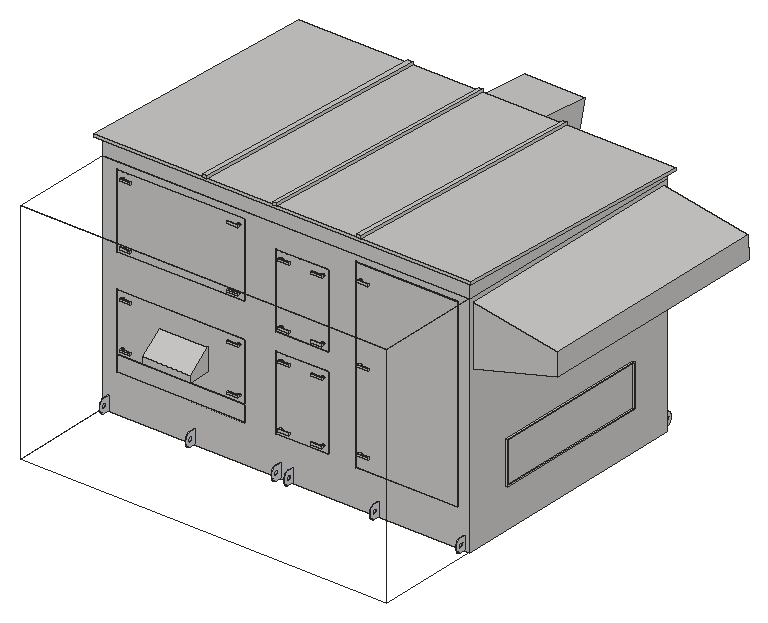
Revit family "DN-5XRT-2FP-EH", category Mechanical Equipment, Revit 2016
Family settings
  Part Type = Normal
  Round Connector Dimension = Use Diameter
  Work Plane-Based = No
  Always vertical = Yes
  Cut with Voids When Loaded = No
  Shared = No
  Room Calculation Point = No
Parameters (values of type "4@2.70 kW 200-240V")
  Voltage = "200-240V"
  Unit Weight (lbs) = "4250-4875 lbs"
  Unit Dimension (L x W x H) = "175-5/8\" x 128-1/4\" x 94-1/8\""
  Unit = Renewaire - Galvanized Steel
  URL = "www.renewaire.com"
  Typical Airflow Range = "1,125-4,950 CFM"
  Standard Features = "EC Motors for both airstreams, Direct drive backward inclined plenum, Higher ESP of up to 3\" w.g. at 4,500 CFM, Integrated programmable controls, True 100% face and bypass enthalpy based modulating economizer, Class 1 low leakage motorized isolation dampers, Stainless steel double-sloped drain pan with cooling option, 1\" Double wall foam injected 20 gauge galvanized panel construction with R6.5 insulation"
  Shipping Dimensions (L x W x H) = "160\" x 101-1/2\" x 100\""
  Service Area Visibility = yes
  Service Area Box = Renewaire - Interference
  Revit Object Download Link = ""
  Phase [instance] = "3"
  Options = "Heat pump, Modulating hot gas reheat, Steam or hot water coil, gas heat module or electric heater Onboard variable frequency drives (VFDs) - both airstreams, Fused disconnect, Spring isolators (VFDs only), 2\" Double wall foam injected 20 gauge galvanized panel construction with R13 insulation, Exterior paint - grey, white, custom color, Salt spray - 2500 hours, BACNET factory activation, GFCI convenience outlet, Recirculation damper, Drain overflow switch, Mist Eliminator, Electrofin coating for coils"
  Number Motors = "Qty. 4, Direct drive motorized impeller packages"
  Model = "DN-5XRT-2FP-EH"
  Minimum Circuit Amps = "36.6 A"
  Maximum Overcurrent Protection = "45 A"
  Max. Shipping Weight (lbs) = "4500-5125 lbs."
  Manufacturer = "Renewaire LLC"
  Inlets/Outlets [instance] = "OA & RA Inlets: 60\" x 16\", SA Outlet: 24\" x 16\", EA Outlet: 20\" x 32\""
  Frequency = "50/60 Hz"
  Filters [instance] = "Total qty. 10, MERV 8: 16\" x 20\" x 2\""
  FLA per Motor = "8.6-7.2"
  Energy Recovery Type = "Static plate total energy transfer"
  Description = "Energy Recovery Ventilator"
  Bypass Filters [instance] = "Total qty. 4, MERV 8: 16\" x 20\" x 2\""
  Accessories = "Filters - MERV 13, 2\"  and 4\" (shipped loose), MERV 14, 2\" and 4\" (shipped loose), Additional filters available upon request, Roof curb - standard 14\", Hurricane or seismic rated curbs, Curb clip kit, Carbon dioxide sensor/control - wall mount (CO2-W), duct mount (CO2-D), IAQ sensor - wall mount (IAQ-W), duct mount (IAQ-D), Motion occupancy sensor/control - ceiling mount (MC-C), wall mount (MC-W), Smoke detector, Room temperature and humidity sensor, Duct static pressure sensor with display to 10\", without display 0-2\", Room pressure sensor with display to 1\", without display 0-1\", Waterless trap negative pressure, waterless trap positive pressure, Remote display"
  AHRI 1060 Certified Core = "One L-62-G5 and four L-125-G5"
Types (6): name | Voltage | Minimum Circuit Amps | Maximum Overcurrent Protection | FLA per Motor
  (no name) | "200-240V" | "36.6 A" | "45 A" | "8.6-7.2"
  4@2.70 kW 200-240V | "200-240V" | "36.6 A" | "45 A" | "8.6-7.2"
  4@3.70 kW 380-480V | "380-480V" | "25.5 A" | "30 A" | "6.0-4.6"
  4@5HP 208-230V | "208-230V" | "59.1 A" | "70 A" | "13.9-13.4/6.7"
  4@5HP 460V | "460V" | "28.5 A" | "35 A" | "6.7"
  4@5HP 575V | "575V" | "22.5 A" | "25 A" | "5.3"
Reference planes (in)
  plane 1 "Center (Front/Back)": y = 0
  plane 2: z = 0
  plane 3 "Center (Left/Right)": x = 0
  plane 4: x = -138.25
Forms (in)
  Extrusion 1, solid, material "Renewaire - Galvanized Steel" <- "Unit"
    sketch origin (0, 0, 0) x (1, 0, 0) y (0, 1, 0)
      loop
        line (-138.25, 46.5) -> (-138.25, -46.38324) -> (0, -46.38324) -> (0, 46.5) -> (-138.25, 46.5)
    from 0 to 85.625
  Extrusion 2, void
    sketch origin (0, 0, 0) x (1, 0, 0) y (0, 0, 1)
      loop
        line (-133.03212, 83.03025) -> (-133.03212, 54.85525) -> (-84.78333, 54.85525) -> (-84.78333, 83.03025) -> (-133.03212, 83.03025)
      loop
        line (-73.14754, 77.07399) -> (-73.14754, 48.824) -> (-53.14754, 48.824) -> (-53.14754, 77.07399) -> (-73.14754, 77.07399)
      loop
        line (-43.1125, 83.57398) -> (-43.1125, 13.57398) -> (-4.11251, 13.57398) -> (-4.11251, 83.57398) -> (-43.1125, 83.57398)
      loop
        line (-73.14754, 42.57399) -> (-73.14754, 14.32399) -> (-53.14754, 14.32399) -> (-53.14754, 42.57399) -> (-73.14754, 42.57399)
      loop
        line (-133.03212, 42.35344) -> (-133.03212, 14.20094) -> (-84.78333, 14.20094) -> (-84.78333, 42.35344) -> (-133.03212, 42.35344)
    from 45.5 to 47.07986
  Extrusion 3, void
    sketch origin (0, 0, 0) x (1, 0, 0) y (0, 1, 0)
      loop
        line (-136.25, 44.61676) -> (-136.25, -44.38324) -> (-2, -44.38324) -> (-2, 44.61676) -> (-136.25, 44.61676)
    from -3 to 5.699
  Extrusion 4, void
    sketch origin (0, 0, 0) x (1, 0, 0) y (0, 1, 0)
      loop
        line (-130.17015, 12.11675) -> (-130.17015, -11.88325) -> (-114.17015, -11.88325) -> (-114.17015, 12.11675) -> (-130.17015, 12.11675)
      loop
        line (-22.1125, 30.11677) -> (-22.1125, -29.88323) -> (-6.1125, -29.88323) -> (-6.1125, 30.11677) -> (-22.1125, 30.11677)
    from 4.75 to 6.699
  Extrusion 5, solid, material "Renewaire - Galvanized Steel" <- "Unit"
    sketch origin (0, 0, 1) x (0, 1, 0) y (0, 0, 1)
      loop
        line (12.11677, 33.30845) -> (-11.88323, 33.30845) -> (-11.88323, 17.30844) -> (12.11677, 17.30844) -> (12.11677, 33.30845)
      loop
        line (11.99177, 33.18345) -> (-11.75823, 33.18345) -> (-11.75823, 17.43344) -> (11.99177, 17.43344) -> (11.99177, 33.18345)
    from -139.25 to -138.25
  Extrusion 6, solid, material "Renewaire - Galvanized Steel" <- "Unit"
    sketch origin (0, 0, 1) x (0, 1, 0) y (0, 0, 1)
      loop
        line (-29.87714, 30.29275) -> (-29.87714, 14.29275) -> (30.12286, 14.29275) -> (30.12286, 30.29275) -> (-29.87714, 30.29275)
      loop
        line (-29.75214, 30.16775) -> (-29.75214, 14.41775) -> (29.99786, 14.41775) -> (29.99786, 30.16775) -> (-29.75214, 30.16775)
    from 0 to 1
  Extrusion 7, solid, material "Renewaire - Galvanized Steel" <- "Unit"
    sketch origin (0, 0, 0) x (1, 0, 0) y (0, 0, 1)
      loop
        line (-132.72813, 82.78025) -> (-132.72813, 55.10525) -> (-85.03333, 55.10525) -> (-85.03333, 82.78025) -> (-132.72813, 82.78025)
      loop
        line (-132.78212, 42.10344) -> (-132.78212, 20.50344) -> (-85.03333, 20.50344) -> (-85.03333, 42.10344) -> (-132.78212, 42.10344)
      loop
        line (-132.78212, 20.05094) -> (-132.78212, 14.45094) -> (-85.03333, 14.45094) -> (-85.03333, 20.05094) -> (-132.78212, 20.05094)
      loop
        line (-72.89753, 76.82401) -> (-72.89753, 49.22401) -> (-53.29756, 49.22401) -> (-53.29756, 76.82401) -> (-72.89753, 76.82401)
      loop
        line (-72.89754, 42.32401) -> (-72.89754, 14.634) -> (-53.29754, 14.634) -> (-53.29754, 42.32401) -> (-72.89754, 42.32401)
      loop
        line (-42.8625, 13.82398) -> (-4.36251, 13.82398) -> (-4.36251, 83.32398) -> (-42.8625, 83.32398) -> (-42.8625, 13.82398)
    from 45.5 to 46.38324
  Extrusion 8, solid, material "Renewaire - Interference" <- "Service Area Box", visible <- "Service Area Visibility"
    sketch origin (0, 0, 0) x (1, 0, 0) y (0, 1, 0)
      loop
        line (-138.25, -46.38324) -> (-138.25, -85.5) -> (0, -85.5) -> (0, -46.38324) -> (-138.25, -46.38324)
    from 0 to 85.625
  Extrusion 9, solid, material "Renewaire - Galvanized Steel" <- "Unit"
    sketch origin (31.75, 0, 0) x (1, 0, 0) y (0, 0, 1)
      loop
        line (-174.35703, 29.51719) -> (-172.22177, 21.5483) -> (-170, 21.5483) -> (-170, 30.68465) -> (-174.35703, 29.51719)
    from 13.95062 to 22.38261
  Extrusion 10, solid, material "Renewaire - Galvanized Steel" <- "Unit"
    sketch origin (0, 0, 0) x (1, 0, 0) y (0, 0, 1)
      loop
        line (0, 84.15518) -> (0, 61.47937) -> (32.11703, 70.0851) -> (32.11703, 78.49208) -> (0, 84.15518)
    from -44.7985 to 44.79848
  Extrusion 11, solid, material "Renewaire - Galvanized Steel" <- "Unit"
    sketch origin (0, 0, 0) x (0, 1, 0) y (0, 0, 1)
      loop
        line (-46.38324, 34.65488) -> (-54.18346, 28.48487) -> (-54.18346, 26.14738) -> (-46.38324, 26.14738) -> (-46.38324, 34.65488)
    from -99 to -117
  Extrusion 12, solid, material "Renewaire - Galvanized Steel" <- "Unit"
    sketch origin (0, 0, 0) x (0, 1, 0) y (0, 0, 1)
      loop
        line (46.49998, 84.66539) -> (46.49998, 48.56516) -> (66.93162, 56.04337) -> (74.10032, 82.203) -> (46.49998, 84.66539)
    from -75.49335 to -52.94936
  Extrusion 13, solid, material "Renewaire - Galvanized Steel" <- "Unit"
    sketch origin (0, 0, 0) x (0, 1, 0) y (0, 0, 1)
      loop
        line (48.48898, 88.92286) -> (-48.48124, 93.09645) -> (-48.52424, 92.09738) -> (48.44598, 87.92379) -> (48.48898, 88.92286)
    from -140.25 to 2
  Extrusion 14, solid, material "Renewaire - Galvanized Steel" <- "Unit"
    sketch origin (0, 0, 0) x (0, 1, 0) y (0, 0, 1)
      loop
        line (-46.38324, 92.00523) -> (-46.38324, 85.625) -> (46.5, 85.625) -> (46.5, 88.00755) -> (-46.38324, 92.00523)
    from -138.25 to 0
  Extrusion 15, solid, material "Renewaire - Galvanized Steel" <- "Unit"
    sketch origin (0, 0, 0) x (0, 1, 0) y (0, 0, 1)
      loop
        line (48.53198, 89.92194) -> (-48.43824, 94.09553) -> (-48.48124, 93.09645) -> (48.48898, 88.92286) -> (48.53198, 89.92194)
    from -99.18333 to -97.51386
  Extrusion 16, solid, material "Renewaire - Galvanized Steel" <- "Unit"
    sketch origin (0, 0, 0) x (0, 1, 0) y (0, 0, 1)
      loop
        line (48.53198, 89.92194) -> (-48.43824, 94.09553) -> (-48.48124, 93.09645) -> (48.48898, 88.92286) -> (48.53198, 89.92194)
    from -72.5309 to -71.07253
  Extrusion 17, solid, material "Renewaire - Galvanized Steel" <- "Unit"
    sketch origin (0, 0, 0) x (0, 1, 0) y (0, 0, 1)
      loop
        line (48.53198, 89.92194) -> (-48.43824, 94.09553) -> (-48.48124, 93.09645) -> (48.48898, 88.92286) -> (48.53198, 89.92194)
    from -40.80093 to -39.30587
Cuts and joins
  Extrusion 2, Extrusion 3, Extrusion 4 cuts Extrusion 1
Dimensions and locks (in)
  aligned and locked: plane 2 to level
Nested families (in)
  nested 1: "Handle" at (-41.11251, -46.38324, 19), type "Handle"
    with Right Handle yes, Left Handle no, Flip no
  nested 2: "Handle" at (-41.11251, -46.38324, 77.67027), type "Handle"
    with Right Handle yes, Left Handle no, Flip no
  nested 3: "Handle" at (-41.11251, -46.38324, 49), type "Handle"
    with Right Handle yes, Left Handle no, Flip no
  nested 4: "Handle" at (-71.07253, -46.38324, 74.37401), type "Handle"
    with Right Handle yes, Left Handle no, Flip no
  nested 5: "Handle" at (-71.07253, -46.38324, 51.274), type "Handle"
    with Right Handle yes, Left Handle no, Flip no
  nested 6: "Handle" at (-55.22256, -46.38324, 74.37401), type "Handle"
    with Right Handle no, Left Handle yes, Flip yes
  nested 7: "Handle" at (-55.22256, -46.38324, 51.274), type "Handle"
    with Right Handle no, Left Handle yes, Flip yes
  nested 8: "Handle" at (-71.07253, -46.38324, 39.87401), type "Handle"
    with Right Handle yes, Left Handle no, Flip no
  nested 9: "Handle" at (-71.07253, -46.38324, 16.77401), type "Handle"
    with Right Handle yes, Left Handle no, Flip no
  nested 10: "Handle" at (-55.22256, -46.38324, 39.87401), type "Handle"
    with Right Handle no, Left Handle yes, Flip yes
  nested 11: "Handle" at (-55.22256, -46.38324, 16.77401), type "Handle"
    with Right Handle no, Left Handle yes, Flip yes
  nested 12: "Handle" at (-130.72967, -46.38324, 80.40525), type "Handle"
    with Right Handle yes, Left Handle no, Flip no
  nested 13: "Handle" at (-130.72967, -46.38324, 57.30524), type "Handle"
    with Right Handle yes, Left Handle no, Flip no
  nested 14: "Handle" at (-86.90833, -46.38324, 80.40525), type "Handle"
    with Right Handle no, Left Handle yes, Flip yes
  nested 15: "Handle" at (-86.90833, -46.38324, 57.30524), type "Handle"
    with Right Handle no, Left Handle yes, Flip yes
  nested 16: "Handle" at (-130.72967, -46.38324, 39.87401), type "Handle"
    with Right Handle yes, Left Handle no, Flip no
  nested 17: "Handle" at (-130.72967, -46.38324, 22.75344), type "Handle"
    with Right Handle yes, Left Handle no, Flip no
  nested 18: "Handle" at (-86.90833, -46.38324, 39.87401), type "Handle"
    with Right Handle no, Left Handle yes, Flip yes
  nested 19: "Handle" at (-86.90833, -46.38324, 22.75344), type "Handle"
    with Right Handle no, Left Handle yes, Flip yes
  nested 20: "Lifting Lug" at (-136.25, 46.5, 0) x (0, 1, 0) z (0, 0, 1), Material <- "Unit", type "Lifting Lug"
    with Material Renewaire - Galvanized Steel
  nested 21: "Lifting Lug" at (-103.75, 46.5, 0) x (0, 1, 0) z (0, 0, 1), Material <- "Unit", type "Lifting Lug"
    with Material Renewaire - Galvanized Steel
  nested 22: "Lifting Lug" at (-71.375, 46.5, 0) x (0, 1, 0) z (0, 0, 1), Material <- "Unit", type "Lifting Lug"
    with Material Renewaire - Galvanized Steel
  nested 23: "Lifting Lug" at (-1.75, 46.5, 0) x (0, 1, 0) z (0, 0, 1), Material <- "Unit", type "Lifting Lug"
    with Material Renewaire - Galvanized Steel
  nested 24: "Lifting Lug" at (-34.25, 46.5, 0) x (0, 1, 0) z (0, 0, 1), Material <- "Unit", type "Lifting Lug"
    with Material Renewaire - Galvanized Steel
  nested 25: "Lifting Lug" at (-66.625, 46.5, 0) x (0, 1, 0) z (0, 0, 1), Material <- "Unit", type "Lifting Lug"
    with Material Renewaire - Galvanized Steel
  nested 26: "Lifting Lug" at (-136.25, -46.38324, 0) x (0, -1, 0) z (0, 0, 1), Material <- "Unit", type "Lifting Lug"
    with Material Renewaire - Galvanized Steel
  nested 27: "Lifting Lug" at (-103.75, -46.38324, 0) x (0, -1, 0) z (0, 0, 1), Material <- "Unit", type "Lifting Lug"
    with Material Renewaire - Galvanized Steel
  nested 28: "Lifting Lug" at (-71.375, -46.38324, 0) x (0, -1, 0) z (0, 0, 1), Material <- "Unit", type "Lifting Lug"
    with Material Renewaire - Galvanized Steel
  nested 29: "Lifting Lug" at (-1.75, -46.38324, 0) x (0, -1, 0) z (0, 0, 1), Material <- "Unit", type "Lifting Lug"
    with Material Renewaire - Galvanized Steel
  nested 30: "Lifting Lug" at (-34.25, -46.38324, 0) x (0, -1, 0) z (0, 0, 1), Material <- "Unit", type "Lifting Lug"
    with Material Renewaire - Galvanized Steel
  nested 31: "Lifting Lug" at (-66.625, -46.38324, 0) x (0, -1, 0) z (0, 0, 1), Material <- "Unit", type "Lifting Lug"
    with Material Renewaire - Galvanized Steel
Connectors (in)
  hvac at (1, 0.12286, 23.29275)
    settings: on Extrusion 6, index 1, duct flow 0 CFM, flow factor 0, pres drop 0.00 in-wg, loss coef 0, conn angle 0.00°, conn width 60", conn height 16", conn diameter 24", duct sys type 2, conn prof type 1, flow config 0, flow direction 1, loss method 0, conn ref index -1, conn util no, is conn primary yes, conn desc "Return Air (RA)"
  hvac at (-139.25, 0.11677, 26.30845)
    settings: on Extrusion 5, index 6, duct flow 0 CFM, flow factor 0, pres drop 0.00 in-wg, loss coef 0, conn angle 0.00°, conn width 24", conn height 16", conn diameter 24", duct sys type 1, conn prof type 1, flow config 0, flow direction 2, loss method 0, conn ref index -1, conn util no, is conn primary no, conn desc "Supply Air (SA)"
  hvac at (-14.1125, 0.11677, 6.699)
    settings: on cut or joined group of Extrusion 1, Extrusion 2, Extrusion 3, Extrusion 4, index 9, duct flow 0 CFM, flow factor 0, pres drop 0.00 in-wg, loss coef 0, conn angle 0.00°, conn width 60", conn height 16", conn diameter 24", duct sys type 2, conn prof type 1, flow config 0, flow direction 1, loss method 0, conn ref index -1, conn util no, is conn primary no, conn desc "Return Air (RA)"
  hvac at (-122.17015, 0.11675, 6.699)
    settings: on cut or joined group of Extrusion 1, Extrusion 2, Extrusion 3, Extrusion 4, index 10, duct flow 0 CFM, flow factor 0, pres drop 0.00 in-wg, loss coef 0, conn angle 0.00°, conn width 24", conn height 16", conn diameter 24", duct sys type 1, conn prof type 1, flow config 0, flow direction 2, loss method 0, conn ref index -1, conn util no, is conn primary no, conn desc "Supply Air (SA)"
Definition of nested family "Handle"
  Parameters (values of type "Handle")
    Right Handle [instance] = not(Flip)  # no
    Material = none
    Left Handle [instance] = Flip  # yes
    Flip [instance] = yes
  Reference planes (in)
    plane 1 "Center (Front/Back)": y = 0
    plane 2: z = 0
    plane 3 "Center (Left/Right)": x = 0
  Forms (in)
    Extrusion 1, solid, material <- "Material"
      sketch origin (0, 0, 0) x (1, 0, 0) y (0, 0, 1)
        loop
          circle (0, 0) r 0.375
      from 0 to 0.75
    Extrusion 2, solid, material <- "Material", visible <- "Right Handle"
      sketch origin (0, 0, 0) x (1, 0, 0) y (0, 1, 0)
        loop
          line (-0.375, -0.75) -> (-0.375, -1.25) -> (3.625, -1.25) -> (3.625, -0.75) -> (-0.375, -0.75)
      from -0.375 to 0.375
    Extrusion 3, solid, material <- "Material", visible <- "Left Handle"
      sketch origin (-3.25, 0, 0) x (1, 0, 0) y (0, 1, 0)
        loop
          line (-0.375, -0.75) -> (-0.375, -1.25) -> (3.625, -1.25) -> (3.625, -0.75) -> (-0.375, -0.75)
      from -0.375 to 0.375
  Dimensions and locks (in)
    aligned and locked: plane 2 to level
Definition of nested family "Lifting Lug"
  Parameters (values of type "Lifting Lug")
    Material [instance] = none
  Reference planes (in)
    plane 1 "Center (Front/Back)": y = 0
    plane 2: z = 0
    plane 3 "Center (Left/Right)": x = 0
  Forms (in)
    Extrusion 1, solid
      sketch origin (0, 0, 0) x (1, 0, 0) y (0, 0, 1)
        loop
          line (0, 0.1875) -> (2, 0.1875)
          arc (2, 0.1875) -> (3.41421, 0.77329) -> (4, 2.1875) r 2
          line (4, 2.1875) -> (4, 3.1875)
          arc (4, 3.1875) -> (3.41421, 4.60171) -> (2, 5.1875) r 2
          line (2, 5.1875) -> (0, 5.1875) -> (0, 0.1875)
        loop
          circle (2.125, 2.6875) r 1
      from 0 to 0.25
  Dimensions and locks (in)
    aligned and locked: plane 2 to level
